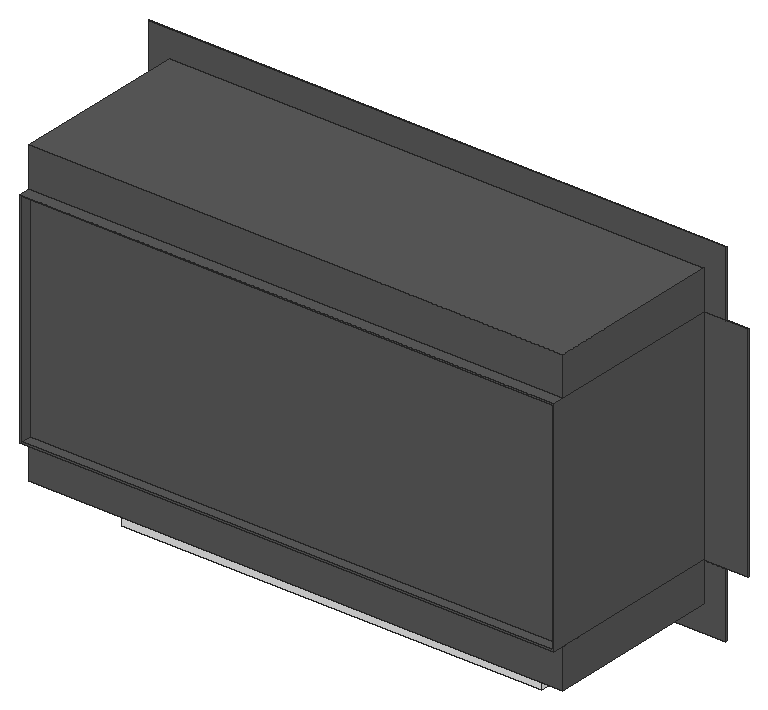
Revit family "1PLANIKA_FLA3_CASING_FORMA_SINGLE-SIDED", category Attrezzatura meccanica, host Muro, Revit 2017
Family settings
  Host = Muro
  Quota connettore circolare = Usa diametro
  Tipo di parte = Normale
  Sempre verticale = Sì
  Taglio con vuoti quando caricato = No
  Condiviso = No
  Punto di calcolo locali = Sì
Parameters (values of type "FLA3_FORMA_1200_SINGLE-SIDED")
  URL = "https://www.planikafires.com"
  TECHNICAL SHEET = "https://www.planikausa.com/indoor-ethanol-fireplaces/custom-bespoke-models/forma-single-sided"
  PRODUCT SHEET = "https://www.archiproducts.com/en/products/planika/bioethanol-fireplace-insert-fla-3-in-casing-forma_431075"
  POWER SUPPLY = 230 V
  NET WEIGHT = 83.10 kg
  Modello = "FLA3 in FORMA SINGLE-SIDED"
  Produttore = "PLANIKA"
  MINIMUM ROOM CUBATURE = 81 m³
  MAXIMUM HEAT OUTPUT = 8.1 kWh
  MAXIMUM BURN TIME = "10 hours"
  MATERIAL DESCRIPTION = "Steel, galvanized steel, toughened glass."
  LENGTH = 1320 mm
  HEIGHT = 710 mm
  FUEL TYPE = "Bioethanol 86 - 96,6%"
  FUEL TANK CAPACITY = 5.5 L
  FORMA LENGTH = 1219 mm
  FLAME HEIGHT REGULATION = "6 stages"
  FLA 3 LENGTH = 990 mm
  FINISHING MATERIAL = Black painted steel -  Planika
  ENVIRONMENTAL PERFORMANCE = "Maximum heat output: 8.1 kWh"
  Descrizione = "FORMA single-sided firebox is one of the most advanced technologically fireplaces available on the market with a unique feature of zero clearance. Self-contained construction means your fireplace can be framed into i.e. wood or metal studs, providing installation freedom and flexibility for builders and creating a striking addition to a feature wall."
  DEPTH = 450 mm
  CASING FINISH = Black powder coated steel - Planika
  BIM USER MANUAL = "https://img.edilportale.com/bim/Planika-manual-Planika-bim.pdf"
  BIM BADGE = "https://bim.archiproducts.com/en/badge/bim-archiproducts-featured_658700/about"
  BIM AUTHOR = "https://bim.archiproducts.com"
  APPLICATION = "For indoor use only"
  AIR CHANGE RATE = "1 space volume per hour"
Types (6, lengths in mm): name | NET WEIGHT | MINIMUM ROOM CUBATURE | MAXIMUM HEAT OUTPUT | MAXIMUM BURN TIME | LENGTH | FUEL TANK CAPACITY | FORMA LENGTH | FLA 3 LENGTH | ENVIRONMENTAL PERFORMANCE
  FLA3_FORMA_1200_SINGLE-SIDED | 83.10 kg | 81 m³ | 8.1 kWh | "10 hours" | 1320 | 5.5 L | 1219 | 990 | "Maximum heat output: 8.1 kWh"
  FLA3_FORMA_1000_SINGLE-SIDED | 70.10 kg | 69 m³ | 6.9 kWh | "32 hours" | 1120 | 4.5 L | 1016 | 790 | "Maximum heat output: 6.9 kWh"
  FLA3_FORMA_1500_SINGLE-SIDED | 100.00 kg | 113 m³ | 11.2 kWh | "10 hours" | 1630 | 8.3 L | 1524 | 1190 | "Maximum heat output: 11.2 kWh"
  FLA3_FORMA_1800_SINGLE-SIDED | 117.40 kg | 150 m³ | 15 kWh | "10 hours" | 1930 | 10.0 L | 1829 | 1490 | "Maximum heat output: 15 kWh"
  FLA3_FORMA_2300_SINGLE-SIDED | 162.20 kg | 212 m³ | 21.2 kWh | "10 hours" | 2440 | 12.5 L | 2337 | 1990 | "Maximum heat output: 21.2 kWh"
  FLA3_FORMA_2700_SINGLE-SIDED | 235.80 kg | 275 m³ | 27.5 kWh | "10 hours" | 2800 | 15.0 L | 2692 | 2490 | "Maximum heat output: 27.5 kWh"
Reference planes
  plane 1 "Wall": y = 0
  plane 2 "Center (Left/Right)": x = 125
  plane 3 "Back": y = 254
  plane 4: x = 734.5
  plane 5: x = -484.5
Forms (mm)
  Extrusion 1, void
    sketch origin (125, 0, 0) x (0, 1, 0) y (0, 0, 1)
      loop
        line (-227, 1898.739) -> (-227, 1390.739) -> (-99.297, 1390.739) -> (-99.297, 1210.739) -> (150.9, 1210.739) -> (150.9, 1390.739) -> (254, 1390.739) -> (254, 1898.739) -> (-227, 1898.739)
    from -609.5 to 609.5
Text (mm)
  text "Placement Side" at (-1848.837, 1116.779, 0), in view "Ref. Level"
  text "Placement side" at (0, 1409.804, 2854.306), in view "Left"
  text "Placement side" at (0, 499.811, 2980.732), in view "Right"
Dimensions and locks
  locked: plane 3 "Back" to host wall
  equal spacing: plane 4, plane 2 "Center (Left/Right)", plane 5
  "FORMA LENGTH": plane 4 to plane 5
  locked: nested 2 to plane 3 "Back" at 228.2
  aligned and locked: plane 1 "Wall" to host wall
  aligned and locked: nested 1 to plane 2 "Center (Left/Right)"
  aligned and locked: nested 2 to plane 2 "Center (Left/Right)"
  aligned and locked: nested 1 to plane 3 "Back"
  aligned and locked: Extrusion 1 sketch curve to nested 1  (x4)
  aligned and locked: Extrusion 1 sketch curve to host wall
  aligned and locked: Extrusion 1 sketch curve to nested 2  (x2)
  aligned and locked: nested 2 to Extrusion 1 sketch curve
  aligned and locked: Extrusion 1 to plane 5
  aligned and locked: plane 4 to Extrusion 1
Nested families
  nested 1: "CASING_FORMA" at (125, 204, 1644.739) x (-1, 0, 0) z (0, 1, 0), Length <- "FORMA LENGTH", MATERIAL <- "CASING FINISH", type "CASING_FORMA"
    with MATERIAL Black powder coated steel - Planika, Length 1219 mm
  nested 2: "FLA_3" at (125, 25.8, 1210.739) x (-1, 0, 0) z (0, 0, 1), Length <- "FLA 3 LENGTH", Material <- "FINISHING MATERIAL", type "FLA_3"
    with Material Black painted steel -  Planika, Length 990 mm
Connectors
  electrical at (220.704, 2.769, 1210.739), driven by "POWER SUPPLY"
    settings: on nested 2, index 1, voltage 230 V, apparent load 0 VA, apparent load phase1 0 VA, apparent load phase2 0 VA, apparent load phase3 0 VA, power factor 1, load classification "Power", number of poles 1, system type 31, power factor state 1, is connector primary yes, connector utility no, sub classification motor no, connector description ""
Definition of nested family "CASING_FORMA"
  Parameters (values of type "CASING_FORMA")
    Width = 406 mm
    Height = 688 mm
    Length [instance] = 1219 mm
    MATERIAL [instance] = none
    Default Elevation = 1219.2 mm
  Reference planes
    plane 1 "Center (Front/Back)": y = 0
    plane 2: z = 0
    plane 3 "Center (Left/Right)": x = 0
    plane 4: x = -609.5
    plane 5: x = 609.5
    plane 6: y = 344
    plane 7: y = -344
    plane 8: z = -406
  Forms (mm)
    Extrusion 1, solid, material <- "MATERIAL", detail levels medium+fine
      sketch origin (0, 0, 0) x (1, 0, 0) y (0, 1, 0)
        loop
          line (-609.5, -254) -> (609.5, -254) -> (609.5, 254) -> (-609.5, 254) -> (-609.5, -254)
        loop
          line (607, 251.5) -> (-607, 251.5) -> (-607, -251.5) -> (607, -251.5) -> (607, 251.5)
      from -431 to 50
    Extrusion 2, solid, material <- "MATERIAL", detail levels fine
      sketch origin (0, 0, 0) x (1, 0, 0) y (0, 1, 0)
        loop
          line (-709.5, -254) -> (-609.5, -254) -> (-609.5, 254) -> (-709.5, 254) -> (-709.5, -254)
        loop
          line (609.5, -254) -> (709.5, -254) -> (709.5, 254) -> (609.5, 254) -> (609.5, -254)
      from -2.5 to 0
    Extrusion 3, solid, material <- "MATERIAL", detail levels fine
      sketch origin (0, 0, 0) x (1, 0, 0) y (0, 1, 0)
        loop
          line (-659.5, 254) -> (659.5, 254) -> (659.5, 404) -> (-659.5, 404) -> (-659.5, 254)
      from -2.5 to 0
    Extrusion 4, solid, material <- "MATERIAL", detail levels fine
      sketch origin (0, 300, 0) x (1, 0, 0) y (0, 1, 0)
        loop
          line (-659.5, -554) -> (-659.5, -704) -> (659.5, -704) -> (659.5, -554) -> (-659.5, -554)
      from -2.5 to 0
    Extrusion 5, solid, material <- "MATERIAL", detail levels medium+fine
      sketch origin (0, 0, 0) x (1, 0, 0) y (0, 1, 0)
        loop
          line (-607, 251.5) -> (-607, -251.5) -> (607, -251.5) -> (607, 251.5) -> (-607, 251.5)
      from -406 to -403.5
    Extrusion 6, solid, material <- "MATERIAL", detail levels fine
      sketch origin (0, 0, 0) x (1, 0, 0) y (0, 0, 1)
        loop
          line (-609.5, -406) -> (609.5, -406) -> (609.5, -2.5) -> (-609.5, -2.5) -> (-609.5, -406)
      from -344 to -254
    Extrusion 7, solid, material <- "MATERIAL", detail levels fine
      sketch origin (10, 0, 0) x (1, 0, 0) y (0, 0, 1)
        loop
          line (-619.5, -406) -> (599.5, -406) -> (599.5, -2.5) -> (-619.5, -2.5) -> (-619.5, -406)
      from 254 to 344
  Dimensions and locks
    "Length": plane 4 to plane 5
    equal spacing: plane 4, plane 3 "Center (Left/Right)", plane 5
    equal spacing: plane 7, plane 1 "Center (Front/Back)", plane 6
    "Height": plane 7 to plane 6
    "Width": plane 2 to plane 8
    locked: Extrusion 1 sketch curve to Extrusion 1 sketch curve at 2.5  (x4)
    locked: Extrusion 2 sketch curve to plane 4 at 100
    locked: plane 5 to Extrusion 2 sketch curve at 100
    locked: Extrusion 3 sketch curve to plane 4 at 50
    locked: plane 5 to Extrusion 3 sketch curve at 50
    Extrusion 3 sketch curve to plane 6 to Extrusion 3 sketch curve = 60 mm locked, 90 mm locked
    locked: Extrusion 4 sketch curve to plane 4 at 50
    locked: plane 5 to Extrusion 4 sketch curve at 50
    Extrusion 4 sketch curve to plane 7 to Extrusion 4 sketch curve = 90 mm locked, 60 mm locked
    locked: Extrusion 4 to Extrusion 4 at 2.5
    locked: Extrusion 3 to Extrusion 3 at 2.5
    locked: Extrusion 1 to plane 2 at 50
    locked: Extrusion 1 to plane 8 at 25
    locked: Extrusion 5 to plane 8 at 2.5
    aligned and locked: level to plane 2
    aligned and locked: Extrusion 1 sketch curve to plane 4
    aligned and locked: Extrusion 1 sketch curve to plane 5
    aligned and locked: plane 4 to Extrusion 2 sketch curve
    aligned and locked: plane 5 to Extrusion 2 sketch curve
    aligned and locked: Extrusion 2 sketch curve to Extrusion 3  (x2)
    aligned and locked: Extrusion 2 sketch curve to Extrusion 4  (x2)
    aligned and locked: Extrusion 1 sketch curve to Extrusion 3
    aligned and locked: Extrusion 1 sketch curve to Extrusion 4
    aligned and locked: plane 2 to Extrusion 3
    aligned and locked: plane 2 to Extrusion 4
    aligned and locked: Extrusion 5 sketch curve to Extrusion 1  (x4)
    aligned and locked: plane 8 to Extrusion 5
    aligned and locked: Extrusion 6 sketch curve to plane 8
    aligned and locked: plane 5 to Extrusion 6 sketch curve
    aligned and locked: Extrusion 6 sketch curve to plane 4
    aligned and locked: Extrusion 6 to Extrusion 3
    aligned and locked: Extrusion 6 to plane 6
    aligned and locked: plane 7 to Extrusion 7
    aligned and locked: Extrusion 4 to Extrusion 7
    aligned and locked: Extrusion 7 sketch curve to Extrusion 1
    aligned and locked: Extrusion 7 sketch curve to plane 8
    aligned and locked: Extrusion 1 to Extrusion 7 sketch curve
    aligned and locked: Extrusion 4 to Extrusion 6 sketch curve
    aligned and locked: Extrusion 4 to Extrusion 7 sketch curve
    aligned and locked: plane 2 to Extrusion 2
    aligned and locked: Extrusion 4 to Extrusion 2
Definition of nested family "FLA_3"
  Parameters (values of type "FLA_3")
    URL = ""
    Model = ""
    Manufacturer = ""
    Material [instance] = none
    Length [instance] = 990 mm
    Description = ""
    Default Elevation = 1219.2 mm
  Reference planes
    plane 1 "Center (Front/Back)": y = 0
    plane 2: z = 0
    plane 3 "Center (Left/Right)": x = 0
    plane 4: x = -495
    plane 5: x = 495
    plane 6: x = -400
    plane 7: x = 400
    plane 8: x = -447.5
    plane 9: x = 447.5
    plane 10 "Level 1": z = 0
    plane 11: z = 235.862
  Forms (mm)
    Extrusion 1, solid, material <- "Material", detail levels fine
      sketch origin (0, 0, 0) x (0, 1, 0) y (-1, 0, 0)
        loop
          line (-139.982, 495) -> (-139.982, -495) -> (139.98, -495) -> (139.98, 495) -> (-139.982, 495)
        loop
          line (-19.978, 400) -> (-19.978, -400) -> (23.031, -400) -> (23.031, 400) -> (-19.978, 400)
        loop
          line (-72.434, 475) -> (-101.434, 475) -> (-101.434, 470) -> (-72.434, 470) -> (-72.434, 475)
        loop
          line (-72.434, 468) -> (-101.434, 468) -> (-101.434, 463) -> (-72.434, 463) -> (-72.434, 468)
        loop
          line (-41.457, 475) -> (-70.457, 475) -> (-70.457, 470) -> (-41.457, 470) -> (-41.457, 475)
        loop
          line (-41.457, 468) -> (-70.457, 468) -> (-70.457, 463) -> (-41.457, 463) -> (-41.457, 468)
        loop
          line (-70.457, -475) -> (-41.457, -475) -> (-41.457, -470) -> (-70.457, -470) -> (-70.457, -475)
        loop
          line (-70.457, -468) -> (-41.457, -468) -> (-41.457, -463) -> (-70.457, -463) -> (-70.457, -468)
        loop
          line (-101.434, -475) -> (-72.434, -475) -> (-72.434, -470) -> (-101.434, -470) -> (-101.434, -475)
        loop
          line (-101.434, -468) -> (-72.434, -468) -> (-72.434, -463) -> (-101.434, -463) -> (-101.434, -468)
      from 180 to 183
    Extrusion 2, solid, detail levels fine
      sketch origin (0, 0, 0) x (0, 1, 0) y (-1, 0, 0)
        loop
          line (125.097, -480) -> (125.097, 480) -> (-125.1, 480) -> (-125.1, -480) -> (125.097, -480)
        loop
          line (-122.1, -477) -> (122.097, -477) -> (122.097, 477) -> (-122.1, 477) -> (-122.1, -477)
      from 0 to 180
    Extrusion 3, solid, detail levels fine
      sketch origin (-500, 1995.821, 1200) x (0, 1, 0) y (0, 0, 1)
        loop
          arc (-1972.79, -1017) -> (-1977.026, -1018.755) -> (-1978.781, -1022.99) r 5.99
          line (-1978.781, -1022.99) -> (-1978.781, -1040.489) -> (-1976.085, -1040.489) -> (-1976.085, -1022.99)
          arc (-1976.085, -1022.99) -> (-1975.12, -1020.661) -> (-1972.79, -1019.696) r 3.294
          line (-1972.79, -1019.696) -> (-1972.79, -1017)
        loop
          line (-2015.801, -1017) -> (-2015.801, -1019.696)
          arc (-2015.801, -1019.696) -> (-2013.472, -1020.661) -> (-2012.507, -1022.99) r 3.294
          line (-2012.507, -1022.99) -> (-2012.507, -1040.489) -> (-2009.81, -1040.489) -> (-2009.81, -1022.99)
          arc (-2009.81, -1022.99) -> (-2011.565, -1018.755) -> (-2015.801, -1017) r 5.99
      from 100 to 900
    Extrusion 4, solid, detail levels fine
      sketch origin (0, 0, 0) x (0, 1, 0) y (-1, 0, 0)
        loop
          line (122.097, 477) -> (-122.1, 477) -> (-122.1, -477) -> (122.097, -477) -> (122.097, 477)
      from 0 to 3
    Extrusion 5, solid, detail levels fine
      sketch origin (0, 0, 0) x (0, 1, 0) y (-1, 0, 0)
        loop
          circle (-36.96, 0) r 7.5
      from 183 to 202
    Extrusion 6, solid, detail levels fine
      sketch origin (0, 0, 0) x (0, 1, 0) y (-1, 0, 0)
        loop
          circle (-36.96, -250) r 7.5
      from 183 to 202
    Extrusion 7, solid, detail levels fine
      sketch origin (0, 0, 0) x (0, 1, 0) y (-1, 0, 0)
        loop
          circle (-36.96, 250) r 7.5
      from 183 to 202
    Extrusion 8, solid, detail levels fine
      sketch origin (-447.5, 1995.821, 1200) x (0, 1, 0) y (0, 0, 1)
        loop
          line (-2030.396, -964.138) -> (-2035.196, -964.138)
          arc (-2035.196, -964.138) -> (-2035.55, -964.284) -> (-2035.696, -964.638) r 0.5
          line (-2035.696, -964.638) -> (-2035.696, -1013.638)
          arc (-2035.696, -1013.638) -> (-2035.55, -1013.991) -> (-2035.196, -1014.138) r 0.5
          line (-2035.196, -1014.138) -> (-2030.396, -1014.138)
          arc (-2030.396, -1014.138) -> (-2030.043, -1013.991) -> (-2029.896, -1013.638) r 0.5
          line (-2029.896, -1013.638) -> (-2029.896, -964.638)
          arc (-2029.896, -964.638) -> (-2030.043, -964.284) -> (-2030.396, -964.138) r 0.5
      from 0 to 895
    Extrusion 9, solid, detail levels medium
      sketch origin (0, 0, 0) x (0, 1, 0) y (-1, 0, 0)
        loop
          line (-139.982, 495) -> (-139.982, -495) -> (139.98, -495) -> (139.98, 495) -> (-139.982, 495)
      from 0 to 183
    Extrusion 10, solid, detail levels fine
      sketch origin (-447.5, 1994.334, 1200) x (0, 1, 0) y (0, 0, 1)
        loop
          line (-1984.329, -1012.199) -> (-1989.312, -1012.199) -> (-1989.312, -1015.189) -> (-1985.824, -1015.189) -> (-1985.824, -1022.166) -> (-2002.767, -1022.166) -> (-2002.767, -1015.189) -> (-1999.279, -1015.189) -> (-1999.279, -1012.199) -> (-2004.262, -1012.199) -> (-2004.262, -1042.1) -> (-1984.329, -1042.1) -> (-1984.329, -1012.199)
      from 47.5 to 847.5
    Extrusion 11, solid, detail levels fine
      sketch origin (0, 0, 0) x (1, 0, 0) y (0, 1, 0)
        loop
          circle (-95.704, 23.031) r 10
      from 0 to 1
  Dimensions and locks
    equal spacing: plane 4, plane 3 "Center (Left/Right)", plane 5
    "Length": plane 4 to plane 5
    locked: plane 4 to plane 6 at 95
    locked: plane 7 to plane 5 at 95
    equal spacing: plane 4, plane 8, plane 6
    equal spacing: plane 7, plane 9, plane 5
    locked: plane 10 "Level 1" to plane 2
    Extrusion 10 sketch curve to Extrusion 10 sketch curve to Extrusion 10 sketch curve to Extrusion 10 sketch curve = 19.934 mm locked, 6.977 mm locked, 2.99 mm locked
    locked: plane 10 "Level 1" to Extrusion 10 sketch curve at 157.9
    Extrusion 3 sketch curve to Extrusion 3 sketch curve to Extrusion 3 sketch curve to plane 10 "Level 1" = 2.696 mm locked, 20.792 mm locked, 159.511 mm locked
    plane 10 "Level 1" to Extrusion 8 sketch curve to Extrusion 8 sketch curve = 185.862 mm locked, 50 mm locked
    locked: plane 11 to plane 10 "Level 1" at 235.862
    aligned and locked: level to plane 2
    aligned and locked: Extrusion 1 sketch curve to plane 4
    aligned and locked: plane 5 to Extrusion 1 sketch curve
    aligned and locked: Extrusion 3 to plane 6
    aligned and locked: plane 7 to Extrusion 3
    aligned and locked: Extrusion 8 to plane 8
    aligned and locked: plane 9 to Extrusion 8
    aligned and locked: Extrusion 9 sketch curve to Extrusion 1  (x2)
    aligned and locked: Extrusion 10 to Extrusion 1  (x2)
    aligned and locked: Extrusion 1 sketch curve to plane 7
    aligned and locked: plane 4 to nested 1
    aligned and locked: nested 1 to plane 5
    aligned and locked: nested 1 to Extrusion 1  (x2)
    aligned and locked: nested 2 to plane 10 "Level 1"
    aligned and locked: nested 2 to plane 11
    aligned and locked: plane 4 to nested 2
    aligned and locked: plane 5 to nested 2
    aligned and locked: nested 3 to plane 10 "Level 1"
    aligned and locked: nested 3 to plane 11
    aligned and locked: nested 3 to Extrusion 9  (x2)
  Automatic sketch dimensions
    Extrusion 3 sketch curve to Extrusion 3 sketch curve = 0 mm  (x3)
    plane 1 "Center (Front/Back)" to Extrusion 3 sketch curve = 16.685 mm
    Extrusion 3 sketch curve to Extrusion 3 sketch curve = 2.696 mm
    Extrusion 3 sketch curve to Extrusion 3 sketch curve = 3.294 mm
    Extrusion 3 sketch curve to Extrusion 3 sketch curve = 17.498 mm  (x2)
    plane 1 "Center (Front/Back)" to Extrusion 8 sketch curve = 39.875 mm
    Extrusion 8 sketch curve to Extrusion 8 sketch curve = 0.5 mm  (x3)
    Extrusion 8 sketch curve to Extrusion 8 sketch curve = 4.8 mm  (x2)
    Extrusion 3 sketch curve to plane 1 "Center (Front/Back)" = 17.041 mm
    plane 1 "Center (Front/Back)" to Extrusion 10 sketch curve = 9.928 mm
    plane 1 "Center (Front/Back)" to Extrusion 10 sketch curve = 8.433 mm
    plane 1 "Center (Front/Back)" to Extrusion 10 sketch curve = 4.945 mm
    Extrusion 10 sketch curve to plane 1 "Center (Front/Back)" = 5.022 mm
    Extrusion 10 sketch curve to Extrusion 10 sketch curve = 3.488 mm
    Extrusion 10 sketch curve to Extrusion 10 sketch curve = 1.495 mm
    Extrusion 10 sketch curve to Extrusion 10 sketch curve = 6.977 mm
    Extrusion 10 sketch curve to Extrusion 10 sketch curve = 2.99 mm
    plane 1 "Center (Front/Back)" to Extrusion 9 sketch curve = 139.982 mm
    Extrusion 9 sketch curve to plane 1 "Center (Front/Back)" = 139.98 mm
    plane 4 to Extrusion 2 sketch curve = 15 mm
    plane 1 "Center (Front/Back)" to Extrusion 2 sketch curve = 125.1 mm
    Extrusion 2 sketch curve to Extrusion 2 sketch curve = 3 mm  (x4)
    Extrusion 2 sketch curve to plane 5 = 18 mm
    Extrusion 2 sketch curve to plane 1 "Center (Front/Back)" = 122.097 mm
    Extrusion 1 sketch curve to plane 6 = 0 mm
    plane 1 "Center (Front/Back)" to Extrusion 1 sketch curve = 139.982 mm
    Extrusion 1 sketch curve to plane 5 = 20 mm  (x2)
    Extrusion 1 sketch curve to Extrusion 1 sketch curve = 38.548 mm  (x2)
    Extrusion 1 sketch curve to Extrusion 1 sketch curve = 0 mm  (x10)
    Extrusion 1 sketch curve to plane 8 = 15.5 mm
    Extrusion 1 sketch curve to Extrusion 1 sketch curve = 29 mm  (x4)
    Extrusion 1 sketch curve to Extrusion 1 sketch curve = 1.977 mm  (x4)
    plane 1 "Center (Front/Back)" to Extrusion 1 sketch curve = 19.978 mm
    Extrusion 1 sketch curve to plane 1 "Center (Front/Back)" = 23.031 mm
    Extrusion 1 sketch curve to plane 1 "Center (Front/Back)" = 139.98 mm
    Extrusion 1 sketch curve to Extrusion 1 sketch curve = 5 mm  (x7)
    Extrusion 1 sketch curve to Extrusion 1 sketch curve = 2 mm  (x2)
    plane 4 to Extrusion 4 sketch curve = 18 mm
    plane 1 "Center (Front/Back)" to Extrusion 4 sketch curve = 122.1 mm
    Extrusion 4 sketch curve to plane 1 "Center (Front/Back)" = 122.097 mm
    Extrusion 4 sketch curve to plane 5 = 18 mm
    plane 1 "Center (Front/Back)" to Extrusion 7 sketch curve = 36.96 mm
    plane 6 to Extrusion 7 sketch curve = 150 mm
    Extrusion 5 sketch curve to plane 3 "Center (Left/Right)" = 0 mm
    plane 1 "Center (Front/Back)" to Extrusion 5 sketch curve = 36.96 mm
    plane 1 "Center (Front/Back)" to Extrusion 6 sketch curve = 36.96 mm
    Extrusion 6 sketch curve to plane 7 = 150 mm
    Extrusion 11 sketch curve to plane 1 "Center (Front/Back)" = 23.031 mm
    Extrusion 11 sketch curve to plane 3 "Center (Left/Right)" = 95.704 mm
    radius of Extrusion 7 sketch curve = 7.5 mm
    radius of Extrusion 5 sketch curve = 7.5 mm
    radius of Extrusion 6 sketch curve = 7.5 mm
    radius of Extrusion 11 sketch curve = 10 mm
  Nested families
    nested 1: "FIREPLACE_SYMBOL_detail item" at (0, -0.001, 0), WIDTH <- "Length", type "FIREPLACE_SYMBOL_detail item", detail levels coarse
      with WIDTH 990 mm, HEIGHT 279.962 mm
    nested 2: "FIREPLACE_SYMBOL_detail item" at (0, 0, 117.931) x (1, 0, 0) z (0, -1, 0), type "FIREPLACE_SYMBOL_detail item", detail levels coarse
      with WIDTH 990 mm, HEIGHT 235.862 mm
    nested 3: "FIREPLACE_SYMBOL_detail item" at (0, -0.001, 117.931) x (0, 1, 0) z (1, 0, 0), type "FIREPLACE_SYMBOL_detail item", detail levels coarse
      with WIDTH 279.962 mm, HEIGHT 235.862 mm
  Definition of nested family "FIREPLACE_SYMBOL_detail item"
    Parameters (values of type "FIREPLACE_SYMBOL_detail item")
      WIDTH [instance] = 500 mm
      HEIGHT [instance] = 500 mm
    Reference planes
      plane 1 "Center (Front/Back)": y = 0
      plane 2: z = 0
      plane 3 "Center (Left/Right)": x = 0
      plane 4: x = 250
      plane 5: x = -250
      plane 6: y = 250
      plane 7: y = -250
    Lines and regions (mm)
      Filled region 1, type "Concrete", in view "Ref. Level"
        outline origin (-246.617, 90, 0) x (1, 0, 0) y (0, 1, 0)
          loop
            line (-3.383, -340) -> (496.617, -340) -> (496.617, 160) -> (-3.383, -340)
      detail lines, in view "Ref. Level"
        curve 1: line (-250, 250, 0) -> (250, 250, 0)
        curve 2: line (-250, -250, 0) -> (-250, 250, 0)
        curve 3: line (250, -250, 0) -> (-250, -250, 0)
        curve 4: line (250, 250, 0) -> (250, -250, 0)
    Dimensions and locks
      equal spacing: plane 5, plane 3 "Center (Left/Right)", plane 4
      equal spacing: plane 7, plane 1 "Center (Front/Back)", plane 6
      "WIDTH": plane 5 to plane 4
      "HEIGHT": plane 7 to plane 6
      aligned and locked: plane 6 to curve 1
      aligned and locked: plane 5 to curve 2
      aligned and locked: curve 3 to plane 7
      aligned and locked: curve 4 to plane 4
      aligned and locked: plane 6 to Filled region 1 sketch curve
      aligned and locked: plane 5 to Filled region 1 sketch curve
      aligned and locked: Filled region 1 sketch curve to plane 4
      aligned and locked: plane 7 to Filled region 1 sketch curve
